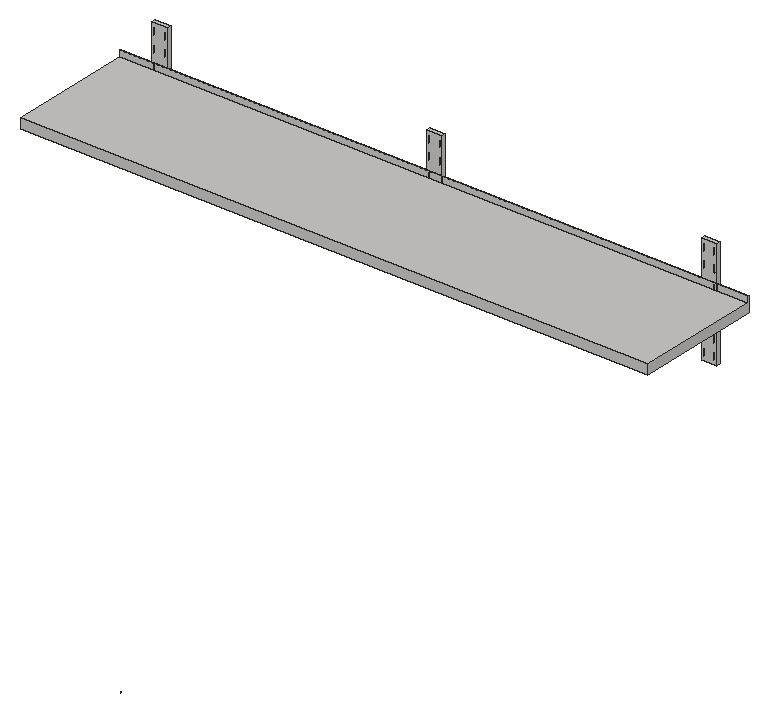
Revit family "QF_ELECTROLUXPROFESSIONAL_134153_GGWSS204", category Attrezzature speciali, Revit 2020
Family settings
  Quota connettore circolare = Usa diametro
  Tipo di parte = Normale
  Basato su piano di lavoro = No
  Sempre verticale = Sì
  Taglio con vuoti quando caricato = No
  Condiviso = No
  Punto di calcolo locali = No
Parameters (values of type "Standard")
  Weight = 11.20 kg
  Watts = 0 W
  Volts = 0 V
  URL Manufacturer = "https://www.electroluxprofessional.com/"
  URL = "https://www.electroluxprofessional.com/"
  Steam Supply Size = 0 mm
  Steam Supply Minimum Pressure = 0.0 Pa
  Steam Supply Maximum Pressure = 0.0 Pa
  Steam Consumption per Hour = 0
  Refrigeration Suction Line Size = 0.0 mm
  Refrigeration Liquid Line Size = 0.0 mm
  Refrigerant Compressor Remote = yes
  Prospetto di default = 0.0 mm
  Phase = 0
  Modello = "GGWSS204"
  Produttore = "Electrolux Professional"
  Length Actual = 2000.0 mm  # constant formula
  Item Number = "134153"
  Hot Water Size = 0 mm
  Height Actual = 350.0 mm  # constant formula
  HP = "0 HP"
  Gas Size = 0 mm
  Gas KW = 0
  Gas Input Pressure = 0 W
  Direct Waste Size = 0 mm
  Descrizione = "SOLID WALL SHELF WITH BRACKETS 2000 MM"
  Depth Actual = 415.0 mm  # constant formula
  Cycle = 0 Hz
  Condensate Return Size = 0 mm
  Compressed Air Volume = 0.0 L/s
  Compressed Air Size = 0 mm
  Compressed Air Pressure = 0.0 Pa
  Cold Water Size = 0 mm
  Accessory = yes
Reference planes
  plane 1 "Center (Front/Back)": y = 0
  plane 2: z = 0
  plane 3 "Center (Left/Right)": x = 0
  plane 4 "LEFT": x = -1000
  plane 5 "RIGHT": x = 1000
  plane 6 "BACK": y = 65
  plane 7 "FRONT": y = -350
  plane 8 "TOP": z = 1948
  plane 9 "base": z = 1598
  plane 10 "Ztop": z = 1815
  plane 11: x = -900
  plane 12: x = 900
Forms (mm)
  Extrusion 1, solid, material "QF_Finishes_Stainless Steel"
    sketch origin (0, 0, 0) x (0, 1, 0) y (0, 0, 1)
      loop
        line (53, 1785) -> (53, 1835) -> (51, 1835) -> (51, 1815) -> (-347.004, 1815) -> (-347.004, 1785) -> (53, 1785)
    from 1000 to -1000
  Extrusion 2, solid, material "QF_Finishes_Stainless Steel"
    sketch origin (0, 0, 0) x (1, 0, 0) y (0, 1, 0)
      loop
        line (-1000, 53) -> (-1000, 52) -> (-998.993, 52) -> (-998.993, 53) -> (-1000, 53)
    from 0 to 1
Lines and regions (mm)
  symbolic lines
    curve 1: line (-1000, 53, 1948) -> (-1000, -347.004, 1948)
    curve 2: line (1000, 53, 1948) -> (1000, -347.004, 1948)
    curve 3: line (-1000, 51, 1948) -> (1000, 51, 1948)
    curve 4: line (1000, 53, 1948) -> (-1000, 53, 1948)
    curve 5: line (-1000, -347.004, 1948) -> (1000, -347.004, 1948)
Dimensions and locks
  plane 4 "LEFT" to plane 5 "RIGHT" = 2000.0 mm
  equal spacing: plane 4 "LEFT", plane 3 "Center (Left/Right)", plane 5 "RIGHT"
  plane 6 "BACK" to plane 7 "FRONT" = 415.0 mm
  plane 6 "BACK" to plane 1 "Center (Front/Back)" to plane 7 "FRONT" = 65.0 mm, 350.0 mm
  locked: plane 8 "TOP" to plane 9 "base" at 350
  plane 10 "Ztop" to level = 1815.0 mm
  locked: plane 10 "Ztop" to plane 8 "TOP" at 133
  locked: plane 11 to plane 4 "LEFT" at 100
  locked: plane 5 "RIGHT" to plane 12 at 100
  aligned and locked: level to plane 2
  aligned and locked: Extrusion 1 to plane 4 "LEFT"
  aligned and locked: plane 5 "RIGHT" to Extrusion 1
  aligned and locked: nested 1 to plane 11
  aligned and locked: plane 12 to nested 2
  aligned and locked: curve 3 to Extrusion 1
  aligned and locked: curve 4 to Extrusion 1
  aligned and locked: curve 5 to Extrusion 1
  aligned and locked: plane 3 "Center (Left/Right)" to nested 3
Automatic sketch dimensions
  plane 7 "FRONT" to Extrusion 1 sketch curve = 2.996 mm
  plane 10 "Ztop" to Extrusion 1 sketch curve = 30.0 mm
  Extrusion 1 sketch curve to plane 10 "Ztop" = 20.0 mm
  Extrusion 1 sketch curve to Extrusion 1 sketch curve = 2.0 mm
  plane 10 "Ztop" to Extrusion 1 sketch curve = 0.0 mm
  Extrusion 1 sketch curve to plane 6 "BACK" = 12.0 mm
  curve 2 to plane 5 "RIGHT" = 0.0 mm
  curve 1 to plane 4 "LEFT" = 0.0 mm
  Extrusion 2 sketch curve to plane 4 "LEFT" = 0.0 mm
  plane 4 "LEFT" to Extrusion 2 sketch curve = 1.007 mm
  Extrusion 2 sketch curve to plane 6 "BACK" = 13.0 mm
  Extrusion 2 sketch curve to Extrusion 2 sketch curve = 1.0 mm
Nested families
  nested 1: "WT_Staffa_H350" at (-885.291, -40.275, 1598), type "WT_Staffa_H350"
    with Type Mark "", Status "", Specification by User "", Revision Code "", Installed By "", Identify Quantity as Lot yes, Furnished By "", Foodservice Equipment Identifier yes
  nested 2: "WT_Staffa_H350" at (865.709, -40.275, 1598), type "WT_Staffa_H350"
    with Type Mark "", Status "", Specification by User "", Revision Code "", Installed By "", Identify Quantity as Lot yes, Furnished By "", Foodservice Equipment Identifier yes
  nested 3: "WT_Staffa_H350" at (-9.791, -40.275, 1598), type "WT_Staffa_H350"
    with Type Mark "", Status "", Specification by User "", Revision Code "", Installed By "", Identify Quantity as Lot yes, Furnished By "", Foodservice Equipment Identifier yes
Definition of nested family "WT_Staffa_H350"
  Parameters
    Width = 49.0 mm
    Weight = ""
    URL Manufacturer = ""
    URL Cutsheet = ""
    URL = ""
    Type Mark [instance] = ""
    Status [instance] = ""
    Specification by User [instance] = ""
    Specification by Manufacturer = ""
    Serial Number = ""
    Seismic Rating = ""
    SMACNA No = ""
    Revision Code [instance] = ""
    Default Elevation = 0.0 mm
    Omniclass Number and Title = ""
    NAFEM Spec ID Number = ""
    Model = ""
    MasterSpec. = ""
    Manufacturer = ""
    Installed By [instance] = ""
    Identify Quantity as Lot [instance] = yes
    Height = 350.0 mm
    Furnished By [instance] = ""
    Foodservice Equipment Identifier [instance] = yes
    Description = ""
    Depth = 415.0 mm
    CSI MasterFormat = ""
    CSI Master Format = ""
    Assembly Code = ""
  Reference planes
    plane 1: z = 0
    plane 2 "Center (Front/Back)": y = -102.225
    plane 3 "Center (Left/Right)": x = 9.791
    plane 4 "TOP": z = 350
    plane 5 "Back": y = 105.275
    plane 6 "Front": y = -309.725
    plane 7: x = -14.709
    plane 8: x = 34.291
  Forms (mm)
    Extrusion 1, solid
      sketch origin (0, 105.275, 0) x (0, 0, 1) y (-1, 0, 0)
        loop
          line (350, 14.709) -> (0, 14.709) -> (0, -34.291) -> (350, -34.291) -> (350, 14.709)
        loop
          line (335.5, 7.709) -> (315.5, 7.709) -> (315.5, 5.709) -> (335.5, 5.709) -> (335.5, 7.709)
        loop
          line (335.5, -25.291) -> (315.5, -25.291) -> (315.5, -27.291) -> (335.5, -27.291) -> (335.5, -25.291)
        loop
          line (285.333, 7.709) -> (265.333, 7.709) -> (265.333, 5.709) -> (285.333, 5.709) -> (285.333, 7.709)
        loop
          line (285.333, -25.291) -> (265.333, -25.291) -> (265.333, -27.291) -> (285.333, -27.291) -> (285.333, -25.291)
        loop
          line (235.167, 7.709) -> (215.167, 7.709) -> (215.167, 5.709) -> (235.167, 5.709) -> (235.167, 7.709)
        loop
          line (235.167, -25.291) -> (215.167, -25.291) -> (215.167, -27.291) -> (235.167, -27.291) -> (235.167, -25.291)
        loop
          line (185, 7.709) -> (165, 7.709) -> (165, 5.709) -> (185, 5.709) -> (185, 7.709)
        loop
          line (185, -25.291) -> (165, -25.291) -> (165, -27.291) -> (185, -27.291) -> (185, -25.291)
        loop
          line (134.833, 7.709) -> (114.833, 7.709) -> (114.833, 5.709) -> (134.833, 5.709) -> (134.833, 7.709)
        loop
          line (134.833, -25.291) -> (114.833, -25.291) -> (114.833, -27.291) -> (134.833, -27.291) -> (134.833, -25.291)
        loop
          line (34.5, 7.709) -> (14.5, 7.709) -> (14.5, 5.709) -> (34.5, 5.709) -> (34.5, 7.709)
        loop
          line (34.5, -25.291) -> (14.5, -25.291) -> (14.5, -27.291) -> (34.5, -27.291) -> (34.5, -25.291)
        loop
          line (84.667, 7.709) -> (64.667, 7.709) -> (64.667, 5.709) -> (84.667, 5.709) -> (84.667, 7.709)
        loop
          line (84.667, -25.291) -> (64.667, -25.291) -> (64.667, -27.291) -> (84.667, -27.291) -> (84.667, -25.291)
      from 0 to 12
    Extrusion 2, solid
      sketch origin (9.791, 0, 0) x (0, 1, 0) y (0, 0, 1)
        loop
          line (-283.619, 186) -> (93.275, 123.5) -> (93.275, 186) -> (-283.619, 186)
      from -24.5 to 24.5
  Lines and regions (mm)
    symbolic lines
      curve 1: line (-14.709, 105.275, 0) -> (34.291, 105.275, 0)
      curve 2: line (34.291, 105.275, 0) -> (34.291, 93.275, 0)
      curve 3: line (34.291, 93.275, 0) -> (-14.709, 93.275, 0)
      curve 4: line (-14.709, 93.275, 0) -> (-14.709, 105.275, 0)
  Dimensions and locks
    "Height": plane 4 "TOP" to level
    equal spacing: plane 5 "Back", plane 2 "Center (Front/Back)", plane 6 "Front"
    "Depth": plane 5 "Back" to plane 6 "Front"
    equal spacing: plane 8, plane 3 "Center (Left/Right)", plane 7
    "Width": plane 8 to plane 7
    aligned and locked: level to plane 1
    aligned and locked: Extrusion 2 to plane 7
    aligned and locked: plane 8 to Extrusion 2
  Automatic sketch dimensions
    Extrusion 1 sketch curve to level = 0.0 mm
    Extrusion 1 sketch curve to plane 4 "TOP" = 0.0 mm
    Extrusion 1 sketch curve to plane 8 = 0.0 mm
    Extrusion 1 sketch curve to plane 7 = 0.0 mm
    plane 7 to Extrusion 1 sketch curve = 7.0 mm  (x4)
    level to Extrusion 1 sketch curve = 14.5 mm  (x2)
    Extrusion 1 sketch curve to plane 8 = 7.0 mm  (x6)
    plane 7 to Extrusion 1 sketch curve = 9.0 mm  (x6)
    Extrusion 1 sketch curve to Extrusion 1 sketch curve = 20.0 mm  (x12)
    Extrusion 1 sketch curve to plane 8 = 9.0 mm  (x6)
    Extrusion 1 sketch curve to Extrusion 1 sketch curve = 30.167 mm  (x12)
    Extrusion 1 sketch curve to plane 4 "TOP" = 14.5 mm  (x2)
    Extrusion 1 sketch curve to Extrusion 1 sketch curve = 2.0 mm  (x6)
    Extrusion 2 sketch curve to plane 6 "Front" = 26.106 mm
    level to Extrusion 2 sketch curve = 123.5 mm
    Extrusion 2 sketch curve to plane 4 "TOP" = 164.0 mm
    plane 5 "Back" to Extrusion 2 sketch curve = 12.0 mm
    curve 3 to plane 7 = 0.0 mm
    plane 5 "Back" to curve 1 = 0.0 mm
    curve 3 to plane 8 = 0.0 mm
    curve 2 to curve 1 = 12.0 mm
